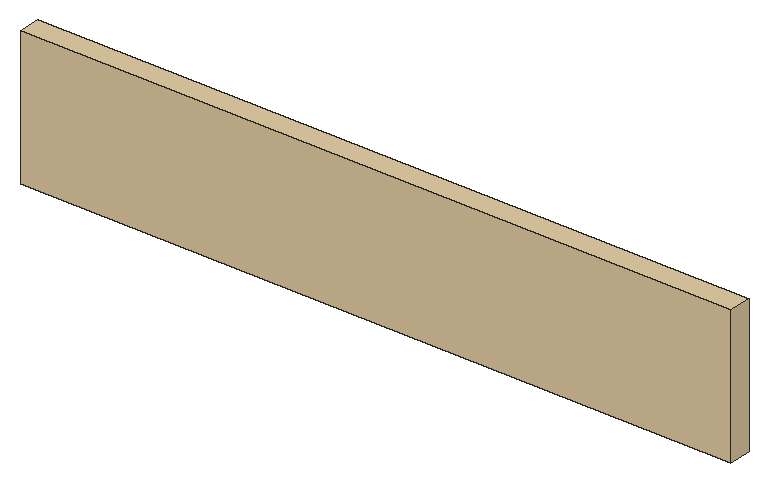
Revit family "RIM BOARD", category Structural Framing, Revit 2020
Family settings
  Structural Framing Length Roundoff = 0' - 0"
  Section Shape = Not Defined
  Material for Model Behavior = Wood
  Always export as geometry = No
  OmniClass Number = 23.25.30.11.14.14
  OmniClass Title = Beams
  Always vertical = Yes
  Cut with Voids When Loaded = No
  Symbolic Representation = From Project Settings
  Shared = No
  Show family pre-cut in plan views = Yes
Parameters (values of type "2x10")
  Structural Material [instance] = Softwood, Lumber
  A = 16.88 in²
  Assembly Code = "B10"
  Length [instance] = 5' - 0"
  b = 0' - 1 1/2"
  d = 0' - 9 1/4"
Types (2): name | d
  2x10 | 0' - 9 1/4"
  2x12 | 0' - 11 1/4"
Reference planes (in)
  plane 1 "Center (Front/Back)": y = 0
  plane 2: z = 0
  plane 3 "Center (Left/Right)": x = 0.1815
  plane 4 "Member Left": x = -23.8185
  plane 5 "Member Right": x = 24.1815
  plane 6: y = 0.75
  plane 7: y = -0.75
  plane 8: z = 4.625
  plane 9: z = -4.625
  plane 10 "Left": x = -29.8185
  plane 11 "Stick Symbol Left": x = -17.8185
  plane 12 "Stick Symbol Right": x = 18.1815
  plane 13 "Right": x = 30.1815
Forms (in)
  Sweep 1, solid, material "Softwood, Lumber" <- "Structural Material", detail levels medium+fine
    path origin (0, 0, 0) x (1, 0, 0) y (0, 1, 0)
      loop
        line (24.1815, 0) -> (-23.8185, 0)
    profile "Rectangular Wood Beam-Profile : Rectangular Wood Beam-Profile" origin (0.1815, 0, 0) x (0, -1, 0) y (0, 0, 1)
      loop
        line (-0.75, -4.625) -> (0.75, -4.625) -> (0.75, 4.625) -> (-0.75, 4.625) -> (-0.75, -4.625)
Lines and regions (in)
  symbolic lines, style "Stick Symbols", detail levels coarse
    curve 1: line (0.1815, 0.75, 4.625) -> (0.1815, -0.75, 4.625)
    curve 2: line (0.1815, -0.75, -4.625) -> (0.1815, 0.75, -4.625)
    curve 3: line (0.1815, -0.75, 4.625) -> (0.1815, -0.75, -4.625)
    curve 4: line (0.1815, 0.75, -4.625) -> (0.1815, 0.75, 4.625)
Dimensions and locks (in)
  "b": plane 6 to plane 7
  "d": plane 9 to plane 8
  equal spacing: plane 9, plane 2, plane 8
  equal spacing: plane 6, plane 1 "Center (Front/Back)", plane 7
  "Length": plane 10 "Left" to plane 13 "Right"
  aligned and locked: Sweep 1 sketch curve to plane 1 "Center (Front/Back)"
  aligned and locked: curve 1 to Sweep 1
  aligned and locked: curve 2 to Sweep 1
  aligned and locked: curve 3 to Sweep 1
  aligned and locked: curve 4 to Sweep 1
  aligned and locked: plane 4 "Member Left" to Sweep 1 sketch curve
  aligned and locked: plane 5 "Member Right" to Sweep 1 sketch curve
